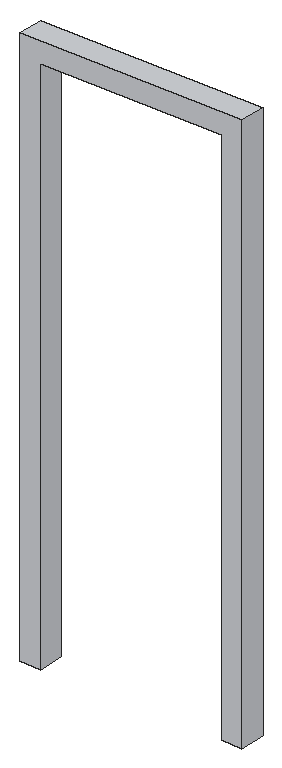
Revit family
Parameters (values of type "100 x 210 cm")
  Thickness = 96.8 mm
  Manufacturer = ""
  Pannello = none
  Numero inserti = 8
  MONTANTE = none
  Maniglia = none
  Inserto = none
  Assembly Code = ""
  Height = 2100 mm
  Wall Closure = (empty or 0)
  Width = 700 mm
  Function = (empty or 0)
Types (3, lengths in mm): name | Thickness | Width
  80 x 210 cm | 96.8 | 800
  90 x 210 cm | 100 | 789
  100 x 210 cm | 96.8 | 700
Reference planes
  plane 1: y = 0
  plane 2 "Sinistra": x = -240.458
  plane 3 "Destra": x = 459.542
  plane 4: z = 2100
  plane 5 "Esterno": y = 50
  plane 6 "Interno": y = -50
  plane 7 "Maniglia": z = 1050
  plane 8: y = 60
  plane 9: y = 26.685
  plane 10: y = -127
  plane 11: x = 362.742
  plane 12: x = -143.658
  plane 13: z = 2003.2
  plane 14: z = 96.8
  plane 15: y = -20
  plane 16: x = 539.542
  plane 17: y = 15
Forms (mm)
  Sweep 1, solid, material <- "MONTANTE", detail levels medium+fine
    path origin (0, 50, 0) x (1, 0, 0) y (0, 0, 1)
      loop
        line (459.542, 0) -> (459.542, 2100) -> (-240.458, 2100) -> (-240.458, 0)
    profile origin (459.542, 50, 1050) x (-1, 0, 0) y (0, -1, 0)
      loop
        line (-80, 100) -> (-80, 0) -> (0, 0) -> (0, 100) -> (-80, 100)
Lines and regions (mm)
  Opening 1
    outline origin (-3050, -50, 0) x (1, 0, 0) y (0, 0, 1)
      loop
        line (2809.542, 0) -> (3509.542, 0) -> (3509.542, 2100) -> (2809.542, 2100) -> (2809.542, 0)
  model lines, detail levels medium+fine
    curve 1: line (362.742, 60, 2003.2) -> (-143.658, 60, 2003.2)
    curve 2: line (-143.658, 60, 2003.2) -> (-143.658, 60, 96.8)
    curve 3: line (-143.658, 60, 96.8) -> (362.742, 60, 96.8)
    curve 4: line (362.742, 60, 96.8) -> (362.742, 60, 2003.2)
    curve 5: line (-143.658, 15, 96.8) -> (362.742, 15, 96.8)
    curve 6: line (362.742, 15, 96.8) -> (362.742, 15, 2003.2)
    curve 7: line (362.742, 15, 2003.2) -> (-143.658, 15, 2003.2)
    curve 8: line (-143.658, 15, 2003.2) -> (-143.658, 15, 96.8)
  model lines
    curve 9: line (-240.458, 15, 2003.2) -> (-240.458, 15, 0)
    curve 10: line (-240.458, 15, 0) -> (362.742, 15, 0)
Text (mm)
  text "Esterno" at (-2295.016, 1099.543, 0), in view "Dettaglio Basso"
  text "Esterno" at (0, 1615.38, 3698.081), in view "Sinistra"
  text "Esterno" at (0, 1036.032, 3874.932), in view "Destra"
Dimensions and locks
  plane 2 "Sinistra" to plane 3 "Destra" = 700 mm
  "Width": plane 2 "Sinistra" to plane 3 "Destra"
  "Height": plane 4 to host wall
  host wall to plane 4 = 2100 mm  (x2)
  locked: plane 5 "Esterno" to host wall at 0
  locked: plane 6 "Interno" to host wall
  level to plane 7 "Maniglia" = 1050 mm
  locked: plane 5 "Esterno" to plane 8 at 10
  locked: plane 9 to plane 5 "Esterno" at 23.315
  plane 10 to plane 6 "Interno" = 77 mm
  "Thickness": level to plane 14
  "Thickness": plane 2 "Sinistra" to plane 12
  "Thickness": plane 3 "Destra" to plane 11
  "Thickness": plane 13 to plane 4
  locked: plane 15 to plane 9 at 46.685
  profile plane to plane 16 = 80 mm
  locked: plane 17 to plane 9 at 11.685
  aligned and locked: plane 2 "Sinistra" to Opening 1 sketch curve
  aligned and locked: plane 4 to Opening 1 sketch curve  (x2)
  aligned and locked: Opening 1 sketch curve to plane 3 "Destra"
  aligned and locked: Opening 1 sketch curve to level
  aligned and locked: plane 1 to host wall
  aligned and locked: plane 6 "Interno" to Sweep 1 sketch curve
  aligned and locked: plane 16 to Sweep 1 sketch curve
Automatic sketch dimensions
  Sweep 1 sketch curve to plane 2 "Sinistra" = 0 mm
  Sweep 1 sketch curve to plane 3 "Destra" = 0 mm
  Sweep 1 sketch curve to level = 0 mm  (x2)
  Sweep 1 sketch curve to plane 4 = 0 mm
  curve 1 to plane 11 = 0 mm
  curve 1 to plane 13 = 0 mm
  curve 7 to plane 11 = 0 mm
  curve 7 to plane 13 = 0 mm
  curve 9 to plane 2 "Sinistra" = 0 mm
  curve 9 to plane 13 = 0 mm
  curve 6 to plane 14 = 0 mm
  curve 3 to plane 12 = 0 mm
  curve 3 to plane 14 = 0 mm
  curve 9 to level = 0 mm
  curve 7 to plane 12 = 0 mm
  curve 10 to plane 11 = 0 mm
  plane 5 "Esterno" to Sweep 1 sketch curve = 0 mm
  Sweep 1 sketch curve to profile plane = 0 mm
